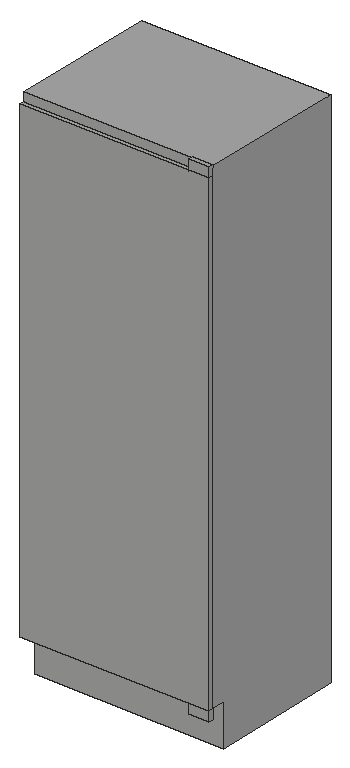
Revit family "RC 472704", category Generic Models, Revit 2014
Parameters (values of type "RC472705")
  Width = 756 mm
  URL = "http://www.gaggenau.com."
  Model = "RC472705"
  Manufacturer = "Gaggenau"
  Height = 2125 mm
  Handle = Aluminium
  Fridge = Aluminium
  Door = Aluminium
  Description = "Gaggenau 30\" Refrigeration column"
  Depth = 608 mm
Reference planes
  plane 1 "Center (Front/Back)": y = 0
  plane 2: z = 0
  plane 3 "Center (Left/Right)": x = 0
  plane 4: z = 2125
  plane 5: x = -378
  plane 6: x = 378
  plane 7: y = 266.012
  plane 8: y = -341.988
  plane 9: z = 181
  plane 10: z = 102
  plane 11: z = 14.093
  plane 12: z = 2131
  plane 13: z = 2091
  plane 14: y = -268.988
  plane 15: y = -321.988
  plane 16: x = 317.794
Forms (mm)
  Extrusion 1, solid, material "Aluminium" <- "Fridge"
    sketch origin (0, 0, 0) x (0, 1, 0) y (0, 0, 1)
      loop
        line (266.012, 2125) -> (-321.988, 2125) -> (-321.988, 181) -> (-268.988, 181) -> (-268.988, 14.093) -> (266.012, 14.093) -> (266.012, 2125)
    from -378 to 378
  Extrusion 2, solid, material "Aluminium" <- "Door"
    sketch origin (0, 0, 0) x (1, 0, 0) y (0, 0, 1)
      loop
        line (-378, 181) -> (378, 181) -> (378, 2091) -> (-378, 2091) -> (-378, 181)
    from 321.988 to 341.988
  Extrusion 3, solid, material "Aluminium" <- "Door"
    sketch origin (0, 0, -0.35) x (1, 0, 0) y (0, 0, 1)
      loop
        line (378, 2131.35) -> (298, 2131.35) -> (298, 2091.35) -> (378, 2091.35) -> (378, 2131.35)
      loop
        line (378, 181.35) -> (298, 181.35) -> (298, 141.35) -> (378, 141.35) -> (378, 181.35)
    from 321.988 to 341.988
  Extrusion 4, solid, material "Aluminium" <- "Fridge"
    sketch origin (0, 0, 0) x (1, 0, 0) y (0, 1, 0)
      loop
        circle (-346.403, -159.898) r 11.868
      loop
        circle (-346.403, 159.898) r 11.868
      loop
        circle (346.403, -159.898) r 11.868
      loop
        circle (346.403, 159.898) r 11.868
    from 0 to 14.093
Dimensions and locks
  "Width": plane 5 to plane 6
  plane 7 to plane 8 = 608 mm  (x2)
  plane 4 to plane 2 = 2125 mm
  plane 9 to plane 2 = 181 mm
  plane 10 to plane 2 = 102 mm
  plane 12 to plane 13 = 40 mm
  plane 14 to plane 8 = 73 mm
  plane 6 to plane 16 = 60.206 mm
  equal spacing: plane 5, plane 3 "Center (Left/Right)", plane 6
  plane 12 to plane 10 = 2029 mm
  aligned and locked: level to plane 2
  aligned and locked: plane 5 to Extrusion 1
  aligned and locked: plane 6 to Extrusion 1
  aligned and locked: Extrusion 2 to plane 8
  aligned and locked: Extrusion 2 to Extrusion 1
  aligned and locked: Extrusion 3 to plane 8
  aligned and locked: Extrusion 3 to Extrusion 1
  aligned and locked: plane 13 to Extrusion 2 sketch curve
  aligned and locked: plane 6 to Extrusion 2 sketch curve
  aligned and locked: plane 5 to Extrusion 2 sketch curve
Automatic sketch dimensions
  Extrusion 1 sketch curve to plane 4 = 0 mm
  Extrusion 1 sketch curve to plane 15 = 0 mm
  Extrusion 1 sketch curve to plane 9 = 0 mm
  Extrusion 1 sketch curve to plane 14 = 0 mm
  Extrusion 1 sketch curve to plane 7 = 0 mm
  Extrusion 1 sketch curve to plane 11 = 0 mm
  Extrusion 4 sketch curve to plane 5 = 31.597 mm  (x2)
  plane 16 to Extrusion 4 sketch curve = 28.608 mm  (x2)
  Extrusion 4 sketch curve to plane 14 = 109.089 mm  (x2)
  Extrusion 4 sketch curve to plane 7 = 106.114 mm  (x2)
  plane 10 to Extrusion 2 sketch curve = 79 mm
  Extrusion 3 sketch curve to plane 16 = 19.794 mm  (x2)
  Extrusion 3 sketch curve to plane 12 = 0 mm
  Extrusion 3 sketch curve to plane 6 = 0 mm  (x2)
  Extrusion 3 sketch curve to plane 9 = 0 mm
  Extrusion 3 sketch curve to plane 13 = 0 mm
  Extrusion 3 sketch curve to plane 9 = 40 mm
  radius of Extrusion 4 sketch curve = 11.868 mm  (x4)
